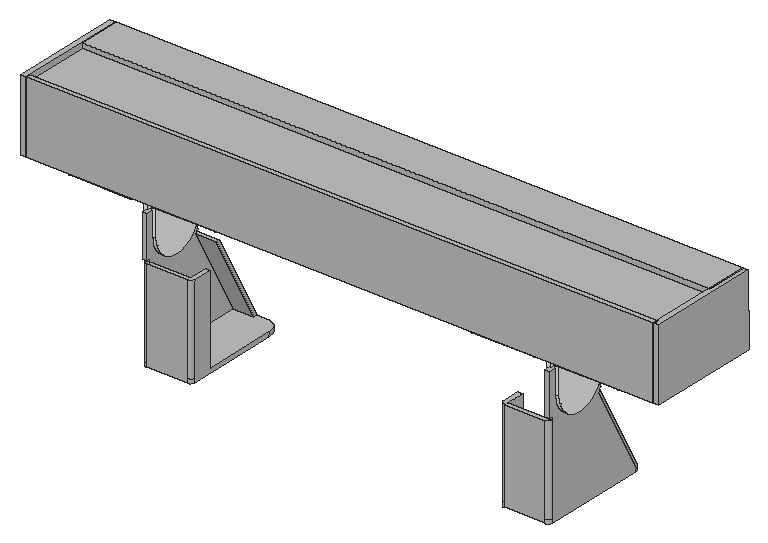
Revit family "4070741+4070747+4070771 Feilo Sylvania Lighting Fixtures CURSUS 306MM 192LM WIDE LED 4K with SINGLE WALL HOUSING with 70MM WALL BRACKET", category Lighting Fixtures, host Face, Revit 2017
Family settings
  Host = Face
  Round Connector Dimension = Use Diameter
  Part Type = Normal
  OmniClass Number = 23.80.70.14
  OmniClass Title = Luminaries for External Lighting
  Cut with Voids When Loaded = Yes
  Light Source = No
  Shared = No
  Room Calculation Point = No
Parameters (values of type "4070741 CURSUS 306MM 192LM WIDE LED 4K")
  Weight = "0.6 kg"
  Wattage Comments = "n/a"
  WarrantyStartDate [instance] = "n/a"
  WarrantyGuarantorParts = "n/a"
  WarrantyDurationUnit = "n/a"
  WarrantyDurationParts = "n/a"
  WarrantyDescription = "n/a"
  Voltage = 24 V
  URL = "http://www.sylvania-lighting.com"
  TypeName = "CURSUS 306MM 192LM WIDE LED 4K"
  TypeFixture_FEILO = CURSUS with SINGLE WALL HOUSING : CURSUS 306MM 192LM WIDE LED 4K
  Type Image = <None>
  Type Comments = "n/a"
  TiltAngle [instance] = 0.00°
  StartAngle [instance] = TiltAngle + 270.00°  # 270.00°
  SerialNumber [instance] = "n/a"
  ReflectorMaterial = none
  PowerFactor = 0
  PowerConsumption = "4.5 W"
  NominalLength = 306 mm
  NominalHeight = 50 mm
  NominalDepth = 30 mm
  Name = "CURSUS 306MM 192LM WIDE LED 4K"
  ModelReference = Name  # "CURSUS 306MM 192LM WIDE LED 4K"
  ModelNumber = "4070741"
  Model = Name  # "CURSUS 306MM 192LM WIDE LED 4K"
  Material = "natural anodised extruded aluminium structure housing"
  ManufacturerName = "Feilo Sylvania"
  Manufacturer = "Feilo Sylvania"
  LuminousEfficacy = "42.66 lm/W"
  LuminaireType = ""
  LightOutputRatio = "100"
  LampsType = Lamp  # "LED"
  LampNominalLuminous = "192 lm"
  LampMacAdamStep = "n/a"
  LampColourTemperature = "4000 K"
  LampColourRenderingIndex = "80"
  Lamp = "LED"
  Keynote = "16500"
  InstallationDate [instance] = "n/a"
  InputVoltage = "24V DC"
  InputNominalFrequency = "n/a"
  IngressProtection = "IP67"
  ImpactProtectionIndex = "IK07"
  IfcExportType = "IfcLightFixtureType"
  IfcExportAs = "IfcLightFixtureType"
  ExpectedLife = 50000
  EndAngle [instance] = StartAngle - 180.00°  # 90.00°
  ElectricShockClassification = "Class III"
  DurationUnit = "hours"
  DocumentationLiterature = "http://www.sylvania-lighting.com/product/en-int/products/4070741"
  DimmingControlOptions = "n/a"
  DiffuserMaterial = Diffuser-Sylvania-Glow
  Description = "LED Exterior Lighting Recessed Surface Mounted Linear Fixture, Natural anodised extruded aluminium structure. Die-cast aluminium end caps. Installation kit with harmonic steel springs., 192 lm, 4,5W,  42lm/W, 4000K, CRI80+,non dimmable,IP67, IK07, (HxWxD) 306x50x30mm, 3 step Mac Adam Ellipse, 0.6kg,, Classe III, 21-25V-DC, energy class : A++, A+, A"
  Default Elevation = 1219.2 mm
  CreatedOn = "1/8/2018"
  CreatedBy = ""
  Cost = 0
  built-in parameter 1114216 [instance] = (empty or 0)
  ClassificationValue = "EF_70_80"
  ClassificationName = "Uniclass2015"
  BracketWidth = 24 mm
  BracketThickness = 2 mm
  BracketHeightEnd = 32 mm
  BracketHeight = 55 mm
  BracketFlange = BracketHeight / 5  # 11 mm
  BracketExtension = 70 mm
  BracketEndReduction = 25 mm
  BracketC = 22 mm  # constant formula
  BracketDistance = 175 mm
  BracketD = BracketHeightEnd - (BracketC * (BracketHeight - BracketHeightEnd) / (BracketExtension - BracketEndReduction))  # 20.756 mm
  BodyMaterial = Body-Sylvania-Gray
  BarCode [instance] = "n/a"
  AssetType = "Fixed"
  AssetIdentifier [instance] = "n/a"
  Assembly Code = "D5020200"
  Apparent Load = 4.5 VA
  AccessoryMaterial = Diffuser-Sylvania-Glow
Reference planes
  plane 1 "Center (Front/Back)": y = 0
  plane 2: z = 0
  plane 3 "Center (Left/Right)": x = 0
  plane 4: x = -99.5
  plane 5: x = 99.5
  plane 6: y = 55
  plane 7: x = -75.5
  plane 8: x = 75.5
  plane 9: z = 70
  plane 10: z = 56
  plane 11: z = 2
  plane 12: z = 45
  plane 13: x = -97.5
  plane 14: y = 53
  plane 15: y = 2
  plane 16: x = -77.5
  plane 17: x = 77.5
  plane 18: x = 97.5
  plane 19: x = -87.5
  plane 20: x = 87.5
  plane 21: y = 11
  plane 22: y = 32
  plane 23: y = 30
  plane 24: z = 67
  plane 25: y = 20.756
  plane 26: y = 16
Forms (mm)
  Blend 1, solid, material "Body-Sylvania-Gray" <- "BodyMaterial"
    base sketch origin (1223.4, -4572, 2) x (0, -1, 0) y (1, 0, 0)
      loop
        line (-4625, -1310.9) -> (-4627, -1310.9) -> (-4627, -1320.9)
        arc (-4627, -1320.9) -> (-4626.414, -1322.314) -> (-4625, -1322.9) r 2
        line (-4625, -1322.9) -> (-4574, -1322.9)
        arc (-4574, -1322.9) -> (-4572.586, -1322.314) -> (-4572, -1320.9) r 2
        line (-4572, -1320.9) -> (-4572, -1300.9)
        arc (-4572, -1300.9) -> (-4572.586, -1299.486) -> (-4574, -1298.9) r 2
        line (-4574, -1298.9) -> (-4583, -1298.9) -> (-4583, -1300.9) -> (-4574, -1300.9) -> (-4574, -1320.9) -> (-4625, -1320.9) -> (-4625, -1310.9)
    top sketch origin (1223.4, -4572, 2) x (0, -1, 0) y (1, 0, 0)
      loop
        line (-4583, -1300.9) -> (-4574, -1300.9) -> (-4574, -1320.9) -> (-4602, -1320.9) -> (-4602, -1310.9) -> (-4604, -1310.9) -> (-4604, -1320.9)
        arc (-4604, -1320.9) -> (-4603.52, -1322.21) -> (-4602.309, -1322.9) r 2.028
        line (-4602.309, -1322.9) -> (-4574, -1322.9)
        arc (-4574, -1322.9) -> (-4572.586, -1322.314) -> (-4572, -1320.9) r 2
        line (-4572, -1320.9) -> (-4572, -1300.9)
        arc (-4572, -1300.9) -> (-4572.586, -1299.486) -> (-4574, -1298.9) r 2
        line (-4574, -1298.9) -> (-4583, -1298.9) -> (-4583, -1300.9)
    from 0 to 43
  Extrusion 2, solid, material "Body-Sylvania-Gray" <- "BodyMaterial"
    sketch origin (0, 0, 0) x (1, 0, 0) y (0, 1, 0)
      loop
        arc (-97.5, 55) -> (-98.914, 54.414) -> (-99.5, 53) r 2
        line (-99.5, 53) -> (-99.5, 2)
        arc (-99.5, 2) -> (-98.914, 0.586) -> (-97.5, 0) r 2
        line (-97.5, 0) -> (-77.5, 0)
        arc (-77.5, 0) -> (-76.086, 0.586) -> (-75.5, 2) r 2
        line (-75.5, 2) -> (-75.5, 47.5)
        arc (-75.5, 47.5) -> (-77.697, 52.803) -> (-83, 55) r 7.5
        line (-83, 55) -> (-97.5, 55)
      loop
        line (97.5, 55) -> (83, 55)
        arc (83, 55) -> (77.697, 52.803) -> (75.5, 47.5) r 7.5
        line (75.5, 47.5) -> (75.5, 2)
        arc (75.5, 2) -> (76.086, 0.586) -> (77.5, 0) r 2
        line (77.5, 0) -> (97.5, 0)
        arc (97.5, 0) -> (98.914, 0.586) -> (99.5, 2) r 2
        line (99.5, 2) -> (99.5, 53)
        arc (99.5, 53) -> (98.914, 54.414) -> (97.5, 55) r 2
    from 0 to 2
  Blend 3, solid, material "Body-Sylvania-Gray" <- "BodyMaterial"
    base sketch origin (1223.4, -4572, 2) x (0, -1, 0) y (1, 0, 0)
      loop
        line (-4625, -1125.9) -> (-4574, -1125.9) -> (-4574, -1145.9) -> (-4583, -1145.9) -> (-4583, -1147.9) -> (-4574, -1147.9)
        arc (-4574, -1147.9) -> (-4572.586, -1147.314) -> (-4572, -1145.9) r 2
        line (-4572, -1145.9) -> (-4572, -1125.9)
        arc (-4572, -1125.9) -> (-4572.586, -1124.486) -> (-4574, -1123.9) r 2
        line (-4574, -1123.9) -> (-4625, -1123.9)
        arc (-4625, -1123.9) -> (-4626.414, -1124.486) -> (-4627, -1125.9) r 2
        line (-4627, -1125.9) -> (-4627, -1135.9) -> (-4625, -1135.9) -> (-4625, -1125.9)
    top sketch origin (1223.4, -4572, 2) x (0, -1, 0) y (1, 0, 0)
      loop
        line (-4602, -1135.9) -> (-4602, -1125.9) -> (-4574, -1125.9) -> (-4574, -1145.9) -> (-4583, -1145.9) -> (-4583, -1147.9) -> (-4574, -1147.9)
        arc (-4574, -1147.9) -> (-4572.586, -1147.314) -> (-4572, -1145.9) r 2
        line (-4572, -1145.9) -> (-4572, -1125.9)
        arc (-4572, -1125.9) -> (-4572.586, -1124.486) -> (-4574, -1123.9) r 2
        line (-4574, -1123.9) -> (-4602, -1123.9)
        arc (-4602, -1123.9) -> (-4603.414, -1124.486) -> (-4604, -1125.9) r 2
        line (-4604, -1125.9) -> (-4604, -1135.9) -> (-4602, -1135.9)
    from 0 to 43
  Blend 4, solid, material "Body-Sylvania-Gray" <- "BodyMaterial"
    base sketch origin (1223.4, -4572, 45) x (0, -1, 0) y (1, 0, 0)
      loop
        line (-4604, -1322.9) -> (-4572, -1322.9) -> (-4572, -1320.9) -> (-4604, -1320.9) -> (-4604, -1322.9)
    top sketch origin (1223.4, -4572, 45) x (0, -1, 0) y (1, 0, 0)
      loop
        line (-4572, -1322.9) -> (-4572, -1320.9) -> (-4592.756, -1320.9) -> (-4592.756, -1322.9) -> (-4572, -1322.9)
    from 0 to 22
  Blend 5, solid, material "Body-Sylvania-Gray" <- "BodyMaterial"
    base sketch origin (1223.4, -4572, 45) x (0, -1, 0) y (1, 0, 0)
      loop
        line (-4604, -1125.9) -> (-4572, -1125.9) -> (-4572, -1123.9) -> (-4604, -1123.9) -> (-4604, -1125.9)
    top sketch origin (1223.4, -4572, 45) x (0, -1, 0) y (1, 0, 0)
      loop
        line (-4572, -1123.9) -> (-4592.756, -1123.9) -> (-4592.756, -1125.9) -> (-4572, -1125.9) -> (-4572, -1123.9)
    from 0 to 22
  Extrusion 6, void
    sketch origin (0, 0, 0) x (0, 1, 0) y (0, 0, 1)
      loop
        line (0, 45) -> (2, 45) -> (2, 46.5) -> (0, 46.5) -> (0, 45)
      loop
        line (32, 45) -> (32, 46.5) -> (30, 46.5) -> (30, 45) -> (32, 45)
    from -99.5 to 99.5
  Revolve 7, solid, not visible
    sketch origin (1524, 16, 1219.2) x (1, 0, 0) y (0, 0, 1)
      loop
        line (-1524, -1152.2) -> (-1524, -1163.2) -> (-1436.5, -1163.2) -> (-1436.5, -1152.2) -> (-1524, -1152.2)
      axis (-1436.5, -1163.2) -> (-1524, -1163.2)
    angle from 270 <- "StartAngle" to 90 <- "EndAngle"
Cuts and joins
  Extrusion 6 cuts Blend 4
  Extrusion 6 cuts Blend 5
  joined: Blend 1, Extrusion 2, Blend 3, Blend 4, Blend 5
Lines and regions (mm)
  reference lines, not visible
    curve 1: line (-75.5, 16, 56) -> (75.5, 16, 56)
Dimensions and locks
  equal spacing: plane 4, plane 3 "Center (Left/Right)", plane 5
  "BracketDistance": plane 19 to plane 20
  "BracketHeight": plane 1 "Center (Front/Back)" to plane 6
  equal spacing: plane 7, plane 3 "Center (Left/Right)", plane 8
  "BracketWidth": plane 4 to plane 7
  "BracketExtension": plane 9 to plane 2
  "BracketThickness": plane 11 to plane 2
  "BracketEndReduction": plane 9 to plane 12
  equal spacing: plane 13, plane 3 "Center (Left/Right)", plane 18
  equal spacing: plane 16, plane 3 "Center (Left/Right)", plane 17
  "BracketThickness": plane 4 to plane 13
  "BracketThickness": plane 16 to plane 7
  "BracketThickness": plane 14 to plane 6
  "BracketThickness": plane 1 "Center (Front/Back)" to plane 15
  equal spacing: plane 4, plane 19, plane 7
  equal spacing: plane 8, plane 20, plane 5
  "BracketFlange": plane 1 "Center (Front/Back)" to plane 21
  "BracketHeightEnd": plane 1 "Center (Front/Back)" to plane 22
  "BracketThickness": plane 23 to plane 22
  locked: Extrusion 2 sketch curve to plane 7 at 7.5
  locked: Extrusion 2 sketch curve to plane 6 at 7.5  (x2)
  locked: plane 8 to Extrusion 2 sketch curve at 7.5
  "BracketC": plane 24 to plane 12
  "BracketD": plane 1 "Center (Front/Back)" to plane 25
  locked: plane 12 to Extrusion 6 sketch curve at 1.5
  equal spacing: plane 24, plane 10, plane 12
  equal spacing: plane 1 "Center (Front/Back)", plane 26, plane 22
  aligned and locked: plane 2 to host face
  aligned and locked: level to host face
  aligned and locked: plane 4 to Blend 1 sketch curve  (x2)
  aligned and locked: plane 13 to Blend 1 sketch curve  (x3)
  aligned and locked: Blend 1 sketch curve to plane 15
  aligned and locked: Blend 1 sketch curve to plane 16
  aligned and locked: Blend 1 sketch curve to plane 21
  aligned and locked: plane 7 to Blend 1 sketch curve
  aligned and locked: plane 16 to Blend 1 sketch curve
  aligned and locked: plane 1 "Center (Front/Back)" to Blend 1 sketch curve
  aligned and locked: plane 14 to Blend 1 sketch curve
  aligned and locked: Blend 1 sketch curve to var sketch  (x6)
  aligned and locked: Blend 1 sketch curve to plane 19
  aligned and locked: Blend 1 sketch curve to plane 22
  aligned and locked: plane 23 to Blend 1 sketch curve
  aligned and locked: plane 11 to Blend 1
  aligned and locked: Extrusion 2 sketch curve to Blend 1  (x3)
  aligned and locked: Extrusion 2 to level
  aligned and locked: Extrusion 2 to plane 11
  aligned and locked: Extrusion 2 sketch curve to plane 7
  aligned and locked: plane 18 to Blend 3 sketch curve  (x4)
  aligned and locked: plane 14 to Blend 3 sketch curve  (x2)
  aligned and locked: Blend 3 sketch curve to plane 20
  aligned and locked: Blend 3 sketch curve to plane 6
  aligned and locked: plane 5 to Blend 3 sketch curve
  aligned and locked: plane 1 "Center (Front/Back)" to Blend 3 sketch curve
  aligned and locked: plane 15 to Blend 3 sketch curve  (x2)
  aligned and locked: Blend 3 sketch curve to plane 8
  aligned and locked: Blend 3 sketch curve to plane 21
  aligned and locked: plane 17 to Blend 3 sketch curve
  aligned and locked: Blend 3 sketch curve to plane 18
  aligned and locked: plane 20 to Blend 3 sketch curve  (x2)
  aligned and locked: Blend 3 sketch curve to plane 23
  aligned and locked: Blend 3 sketch curve to var sketch  (x8)
  aligned and locked: var sketch to Blend 3 sketch curve
  aligned and locked: plane 22 to Blend 3 sketch curve
  aligned and locked: plane 11 to Blend 3
  aligned and locked: Extrusion 2 sketch curve to Blend 3  (x4)
  aligned and locked: Blend 1 to plane 12
  aligned and locked: Blend 3 to plane 12
  aligned and locked: Blend 4 sketch curve to plane 22
  aligned and locked: Blend 4 sketch curve to cut or joined group of Blend 1, Extrusion 2, Blend 3, Blend 4, Blend 5, Extrusion 6  (x2)
  aligned and locked: cut or joined group of Blend 1, Extrusion 2, Blend 3, Blend 4, Blend 5, Extrusion 6 to Blend 4 sketch curve
  aligned and locked: Blend 4 sketch curve to var sketch  (x2)
  aligned and locked: Blend 4 sketch curve to plane 13
  aligned and locked: Blend 4 to plane 24
  aligned and locked: Blend 4 sketch curve to plane 25
  aligned and locked: Blend 5 sketch curve to plane 18  (x2)
  aligned and locked: plane 1 "Center (Front/Back)" to Blend 5 sketch curve
  aligned and locked: plane 5 to Blend 5 sketch curve
  aligned and locked: plane 22 to Blend 5 sketch curve
  aligned and locked: Blend 5 sketch curve to var sketch
  aligned and locked: var sketch to Blend 5 sketch curve
  aligned and locked: Blend 5 sketch curve to plane 25
  aligned and locked: Blend 5 to plane 24
  aligned and locked: plane 12 to Blend 5
  aligned and locked: Extrusion 6 sketch curve to cut or joined group of Blend 1, Extrusion 2, Blend 3, Blend 4, Blend 5, Extrusion 6  (x2)
  aligned and locked: Extrusion 6 sketch curve to Extrusion 6 sketch curve
  aligned and locked: Extrusion 6 sketch curve to plane 15
  aligned and locked: plane 5 to Extrusion 6
  aligned and locked: Extrusion 6 to plane 4
  aligned and locked: Extrusion 6 sketch curve to plane 23
  aligned and locked: Revolve 7 sketch curve to plane 10  (x2)
  aligned and locked: plane 24 to Revolve 7 sketch curve
  aligned and locked: plane 3 "Center (Left/Right)" to Revolve 7 sketch curve
  aligned and locked: Revolve 7 sketch curve to plane 20
  aligned and locked: plane 7 to curve 1
  aligned and locked: plane 10 to curve 1
  aligned and locked: nested 1 to plane 5
  aligned and locked: nested 2 to plane 4
  aligned and locked: nested 1 to curve 1
  aligned and locked: nested 2 to curve 1
  aligned and locked: nested 1 to nested 3
  aligned and locked: nested 3 to plane 3 "Center (Left/Right)"
Automatic sketch dimensions
  host sketch curve to host sketch curve = 2438.4 mm  (x2)
  Blend 1 sketch curve to plane 13 = 0 mm
  plane 15 to Blend 1 sketch curve = 0 mm  (x3)
  Blend 1 sketch curve to plane 23 = 0.309 mm
  plane 6 to Blend 1 sketch curve = 0 mm
  plane 14 to Blend 1 sketch curve = 0 mm
  Blend 1 sketch curve to plane 19 = 0 mm
  Blend 3 sketch curve to plane 17 = 0 mm
  Extrusion 6 sketch curve to plane 1 "Center (Front/Back)" = 0 mm
  plane 12 to Extrusion 6 sketch curve = 0 mm
  Revolve 7 sketch curve to plane 4 = 1153 mm
  plane 5 to Revolve 7 sketch curve = 1161.4 mm
  curve 1 to plane 8 = 0 mm
Nested families
  nested 1: "MountingPlate" at (98.5, 16, 56) x (-1, 0, 0) z (0, 0, 1), type "MountingPlate"
  nested 2: "MountingPlate" at (-98.5, 16, 56) x (-1, 0, 0) z (0, 0, 1), type "MountingPlate"
  nested 3: "CURSUS with SINGLE WALL HOUSING" at (0, -4, 74) x (-1, 0, 0) z (0, 0, 1), type <- "TypeFixture_FEILO", type "CURSUS 306MM 192LM WIDE LED 4K"
    with WarrantyStartDate "n/a", SerialNumber "n/a", InstallationDate "n/a", EndCapRight yes, EndCapLeft yes, built-in parameter 1114216 (empty or 0), BarCode "n/a", AssetIdentifier "n/a"
Connectors
  electrical at (0, 0, 0), driven by "Voltage", driven by "Apparent Load", driven by "PowerFactor"
    settings: index 1, voltage 24 V, apparent load 4.5 VA, apparent load phase1 0 VA, apparent load phase2 0 VA, apparent load phase3 0 VA, power factor 0, load classification "Other", number of poles 1, system type 30, power factor state 1, is connector primary yes, connector utility no, sub classification motor no, connector description ""
Definition of nested family "MountingPlate"
  Parameters (values of type "MountingPlate")
    URL = "http://www.feilosylvania.com"
    Type Comments = "n/a"
    ReflectorMaterial = none
    MountingPlateWidth = 76 mm
    MountingPlateThickness = 2 mm
    MountingPlateRadiusBack = 12 mm
    MountingPlateRadius = 3 mm
    MountingPlateHeight = 35 mm
    Model = "n/a"
    Manufacturer = "Feilo Sylvania"
    Keynote = "n/a"
    DiffuserMaterial = none
    Description = "n/a"
    Default Elevation = 1219.2 mm
    Cost = 0
    BodyMaterial = none
    Assembly Code = "n/a"
    AccessoryMaterial = none
  Reference planes
    plane 1 "Center (Front/Back)": y = 0
    plane 2: z = 0
    plane 3 "Center (Left/Right)": x = 0
    plane 4: x = -38
    plane 5: x = 38
    plane 6: y = 17.5
    plane 7: y = -17.5
    plane 8: x = -3
    plane 9: x = 3
    plane 10: z = 18
    plane 11: z = 16
    plane 12: y = 12.5
    plane 13: y = -12.5
    plane 14: x = -1
    plane 15: x = 1
    plane 16: z = -12.5
    plane 17: z = -14.5
  Forms (mm)
    Extrusion 1, solid
      sketch origin (1.653, 0, 0) x (1, 0, 0) y (0, 1, 0)
        loop
          line (-1219.2, 1219.2) -> (-1219.2, -1219.2) -> (1219.2, -1219.2) -> (1219.2, 1219.2) -> (-1219.2, 1219.2)
      from 0 to -304.8
    Extrusion 2, solid, material <- "BodyMaterial"
      sketch origin (1218.4, -4572, 16) x (0, -1, 0) y (-1, 0, 0)
        loop
          line (-4589.5, 1253.4) -> (-4589.5, 1224.4)
          arc (-4589.5, 1224.4) -> (-4588.621, 1222.279) -> (-4586.5, 1221.4) r 3
          line (-4586.5, 1221.4) -> (-4557.5, 1221.4)
          arc (-4557.5, 1221.4) -> (-4555.379, 1222.279) -> (-4554.5, 1224.4) r 3
          line (-4554.5, 1224.4) -> (-4554.5, 1253.4)
          arc (-4554.5, 1253.4) -> (-4555.379, 1255.521) -> (-4557.5, 1256.4) r 3
          line (-4557.5, 1256.4) -> (-4586.5, 1256.4)
          arc (-4586.5, 1256.4) -> (-4588.621, 1255.521) -> (-4589.5, 1253.4) r 3
        loop
          arc (-4589.5, 1183.4) -> (-4588.621, 1181.279) -> (-4586.5, 1180.4) r 3
          line (-4586.5, 1180.4) -> (-4557.5, 1180.4)
          arc (-4557.5, 1180.4) -> (-4555.379, 1181.279) -> (-4554.5, 1183.4) r 3
          line (-4554.5, 1183.4) -> (-4554.5, 1212.4)
          arc (-4554.5, 1212.4) -> (-4555.379, 1214.521) -> (-4557.5, 1215.4) r 3
          line (-4557.5, 1215.4) -> (-4586.5, 1215.4)
          arc (-4586.5, 1215.4) -> (-4588.621, 1214.521) -> (-4589.5, 1212.4) r 3
          line (-4589.5, 1212.4) -> (-4589.5, 1183.4)
      from 0 to -2
    Extrusion 3, solid, material <- "BodyMaterial"
      sketch origin (0, 0, 0) x (1, 0, 0) y (0, 0, 1)
        loop
          line (-3, 18) -> (-3, -12.5) -> (-1, -12.5) -> (-1, 16)
          arc (-1, 16) -> (-1.586, 17.414) -> (-3, 18) r 2
        loop
          line (3, -12.5) -> (3, 18)
          arc (3, 18) -> (1.586, 17.414) -> (1, 16) r 2
          line (1, 16) -> (1, -12.5) -> (3, -12.5)
      from -12.5 to 12.5
    Extrusion 4, void
      sketch origin (0, 0, 0) x (0, 1, 0) y (0, 0, 1)
        loop
          line (-12.5, -0.5) -> (-17.5, -0.5) -> (-17.5, -14.5) -> (-0.5, -14.5) -> (-0.5, -12.5)
          arc (-0.5, -12.5) -> (-8.985, -8.985) -> (-12.5, -0.5) r 12
        loop
          line (0.5, -12.5) -> (0.5, -14.5) -> (17.5, -14.5) -> (17.5, -0.5) -> (12.5, -0.5)
          arc (12.5, -0.5) -> (8.985, -8.985) -> (0.5, -12.5) r 12
      from -3 to 3
  Cuts and joins
    Extrusion 4 cuts Extrusion 2
    Extrusion 4 cuts Extrusion 3
    joined: Extrusion 2, Extrusion 3
  Lines and regions (mm)
    reference lines
      curve 1: line (-38, 0, 0) -> (38, 0, 0)
  Dimensions and locks
    equal spacing: plane 4, plane 3 "Center (Left/Right)", plane 5
    "MountingPlateWidth": plane 4 to plane 5
    equal spacing: plane 7, plane 1 "Center (Front/Back)", plane 6
    "MountingPlateHeight": plane 7 to plane 6
    equal spacing: plane 8, plane 3 "Center (Left/Right)", plane 9
    "MountingPlateHeight": plane 4 to plane 8
    locked: plane 10 to plane 2 at 18
    "MountingPlateThickness": plane 10 to plane 11
    equal spacing: plane 13, plane 1 "Center (Front/Back)", plane 12
    locked: plane 13 to plane 12 at 25
    "MountingPlateRadius": plane 4 to Extrusion 2 sketch curve  (x2)
    "MountingPlateRadius": Extrusion 2 sketch curve to plane 6  (x4)
    "MountingPlateRadius": Extrusion 2 sketch curve to plane 8  (x2)
    "MountingPlateRadius": plane 7 to Extrusion 2 sketch curve  (x4)
    "MountingPlateRadius": plane 9 to Extrusion 2 sketch curve  (x2)
    "MountingPlateRadius": Extrusion 2 sketch curve to plane 5  (x2)
    equal spacing: plane 15, plane 3 "Center (Left/Right)", plane 14
    "MountingPlateThickness": plane 14 to plane 8
    locked: plane 2 to plane 16 at 12.5
    locked: plane 17 to plane 16 at 2
    "MountingPlateRadiusBack": plane 13 to Extrusion 4 sketch curve
    "MountingPlateRadiusBack": plane 16 to Extrusion 4 sketch curve  (x2)
    "MountingPlateRadiusBack": Extrusion 4 sketch curve to plane 12
    aligned and locked: plane 2 to Extrusion 1
    aligned and locked: level to Extrusion 1
    aligned and locked: Extrusion 2 sketch curve to plane 6
    aligned and locked: Extrusion 2 sketch curve to plane 4
    aligned and locked: plane 7 to Extrusion 2 sketch curve
    aligned and locked: plane 8 to Extrusion 2 sketch curve
    aligned and locked: plane 6 to Extrusion 2 sketch curve
    aligned and locked: Extrusion 2 sketch curve to plane 5
    aligned and locked: Extrusion 2 sketch curve to plane 7
    aligned and locked: plane 9 to Extrusion 2 sketch curve
    aligned and locked: Extrusion 2 to plane 10
    aligned and locked: plane 11 to Extrusion 2
    aligned and locked: Extrusion 3 sketch curve to Extrusion 2  (x2)
    aligned and locked: plane 16 to Extrusion 3 sketch curve  (x2)
    aligned and locked: plane 14 to Extrusion 3 sketch curve
    aligned and locked: plane 9 to Extrusion 3 sketch curve
    aligned and locked: plane 15 to Extrusion 3 sketch curve
    aligned and locked: Extrusion 3 to plane 12
    aligned and locked: plane 13 to Extrusion 3
    aligned and locked: plane 17 to Extrusion 4 sketch curve  (x2)
    aligned and locked: Extrusion 4 sketch curve to plane 7
    aligned and locked: Extrusion 4 sketch curve to plane 6
    aligned and locked: plane 9 to Extrusion 4
    aligned and locked: Extrusion 4 to plane 8
    aligned and locked: plane 4 to curve 1
    aligned and locked: curve 1 to level
  Automatic sketch dimensions
    Extrusion 1 sketch curve to Extrusion 1 sketch curve = 2438.4 mm  (x2)
    Extrusion 3 sketch curve to plane 11 = 0 mm
    curve 1 to plane 5 = 0 mm
    Extrusion 4 sketch curve to plane 13 = 0 mm
    Extrusion 4 sketch curve to plane 12 = 0 mm
Definition of nested family "CURSUS with SINGLE WALL HOUSING"
  Parameters (values of type "CURSUS 1161MM 827LM OVAL LED 3K")
    Width_FEILO = 35 mm
    Weight = "2.2 kg"
    Wattage Comments = "n/a"
    Wattage = 18 W
    WarrantyStartDate [instance] = "n/a"
    WarrantyGuarantorParts = "n/a"
    WarrantyDurationUnit = "n/a"
    WarrantyDurationParts = "n/a"
    WarrantyDescription = "n/a"
    WallThickness_FEILO = 2.5 mm
    built-in parameter 1150110 = 1 (stored number, unit not read)
    Voltage = 24 V
    URL = "http://www.feilosylvania.com"
    TypeName = "CURSUS 1161MM 827LM OVAL LED 3K"
    Type Image = (empty or 0)
    Type Comments = "n/a"
    built-in parameter 1114217 = 1 (stored number, unit not read)
    Tilt Angle = -90.00°
    built-in parameter 1150109 = 1 (stored number, unit not read)
    built-in parameter 1150134 = (empty or 0)
    built-in parameter 1150113 = 1 (stored number, unit not read)
    SerialNumber [instance] = "n/a"
    ReflectorMaterial = none
    PowerFactor = 0
    PowerConsumption = "18 W"
    Photometric Web File = "4070765.ies"
    NominalLength = 1161 mm
    NominalHeight = 50 mm
    NominalDepth = 30 mm
    Name = "CURSUS 1161MM 827LM OVAL LED 3K"
    ModelReference = Name  # "CURSUS 1161MM 827LM OVAL LED 3K"
    ModelNumber = ""
    Model = Name  # "CURSUS 1161MM 827LM OVAL LED 3K"
    Material = "natural anodised extruded aluminium structure housing, optical system with pmma lenses diffuser"
    ManufacturerName = "Feilo Sylvania"
    Manufacturer = "Feilo Sylvania"
    LuminousEfficacy = "45.94 lm/W"
    built-in parameter 1150105 = 1166.5 (stored number, unit not read)
    Lumens = 827 lm
    LuminaireType = ""
    built-in parameter 1150115 = 1 (stored number, unit not read)
    LightOutputRatio = "100"
    built-in parameter 1150137 = (empty or 0)
    built-in parameter 1150139 = (empty or 0)
    Length_FEILO = 1167 mm
    LampsType = Lamp  # "LED"
    LampNominalLuminous = "827 lm"
    LampMacAdamStep = "n/a"
    LampColourTemperature = "3000 K"
    LampColourRenderingIndex = "80"
    built-in parameter 1150112 = 1 (stored number, unit not read)
    built-in parameter 1150114 = 1 (stored number, unit not read)
    Lamp = "LED"
    Keynote = "16500"
    InstallationDate [instance] = "n/a"
    InputVoltage = "24V DC"
    InputNominalFrequency = "n/a"
    built-in parameter 1150132 = (empty or 0)
    built-in parameter 1150102 = (empty or 0)
    built-in parameter 1150107 = 3000 (stored number, unit not read)
    built-in parameter 1150138 = (empty or 0)
    IngressProtection = "IP67"
    ImpactProtectionIndex = "IK07"
    built-in parameter 1150106 = 11.665 (stored number, unit not read)
    IfcExportType = "IfcLightFixtureType"
    IfcExportAs = "IfcLightFixtureType"
    ExpectedLife = 50000
    EndCapRight [instance] = yes
    EndCapLeft [instance] = yes
    Emit from Rectangle Width = Width_FEILO - WallThickness_FEILO * 2  # 30 mm
    Emit from Rectangle Length = Length_FEILO - WallThickness_FEILO * 2  # 1162 mm
    Emit Shape Visible in Rendering = no
    ElectricShockClassification = "Class III"
    built-in parameter 1150104 = 4.2684 (stored number, unit not read)
    DurationUnit = "hours"
    DocumentationLiterature = "http://www.feilosylvania.com/product/en-int/products/4070765"
    DimmingControlOptions = "n/a"
    Dimming Lamp Color Temperature Shift = (empty or 0)
    DiffuserMaterial = none
    Description = "LED Exterior Lighting Recessed Surface Mounted Linear Fixture, Natural anodised extruded aluminium structure. Die-cast aluminium end caps. Installation kit with harmonic steel springs., 827 lm, 18W, 45lm/W, 3000K, CRI80+,non dimmable,IP67, IK07, (HxWxD) 1161x50x30mm, 3 step Mac Adam Ellipse, 2.2kg,, Classe III, 21-25V-DC, energy class : A++, A+, A"
    Default Elevation = 1219.2 mm
    CreatedOn = "1/8/2018"
    CreatedBy = "aron.fodor@feilosylvania.com"
    Cost = 0
    Color Filter = 16777215
    built-in parameter 1114216 [instance] = (empty or 0)
    ClassificationValue = "EF_70_80"
    ClassificationName = "Uniclass2015"
    BodyMaterial = none
    BarCode [instance] = "n/a"
    built-in parameter 1114218 = 1 (stored number, unit not read)
    built-in parameter 1150133 = 10 (stored number, unit not read)
    AssetType = "Fixed"
    AssetIdentifier [instance] = "n/a"
    Assembly Code = "D5020200"
    Apparent Load = 18 VA
    AccessoryMaterial = none
  Types (16, lengths in mm): name | Weight | Wattage | Voltage | TypeName | built-in parameter 1150134 | PowerConsumption | Photometric Web File | NominalLength | Name | ModelReference | Model | Material | LuminousEfficacy | built-in parameter 1150105 | Lumens | Length_FEILO | LampNominalLuminous | LampColourTemperature | InputVoltage | InputNominalFrequency | built-in parameter 1150107 | built-in parameter 1150106 | Emit from Rectangle Length | built-in parameter 1150104 | DocumentationLiterature | Description | Apparent Load
    CURSUS 1161MM 827LM OVAL LED 3K | "2.2 kg" | 18 W | 24 V | "CURSUS 1161MM 827LM OVAL LED 3K" | (empty or 0) | "18 W" | "4070765.ies" | 1161 | "CURSUS 1161MM 827LM OVAL LED 3K" | "CURSUS 1161MM 827LM OVAL LED 3K" | "CURSUS 1161MM 827LM OVAL LED 3K" | "natural anodised extruded aluminium structure housing, optical system with pmma lenses diffuser" | "45.94 lm/W" | 1166.5 (stored number, unit not read) | 827 lm | 1167 | "827 lm" | "3000 K" | "24V DC" | "n/a" | 3000 (stored number, unit not read) | 11.665 (stored number, unit not read) | 1162 | 4.2684 (stored number, unit not read) | "http://www.feilosylvania.com/product/en-int/products/4070765" | "LED Exterior Lighting Recessed Surface Mounted Linear Fixture, Natural anodised extruded aluminium structure. Die-cast aluminium end caps. Installation kit with harmonic steel springs., 827 lm, 18W, 45lm/W, 3000K, CRI80+,non dimmable,IP67, IK07, (HxWxD) 1161x50x30mm, 3 step Mac Adam Ellipse, 2.2kg,, Classe III, 21-25V-DC, energy class : A++, A+, A" | 18 VA
    CURSUS 1161MM 731LM WIDE LED 3K | "2.2 kg" | 18 W | 230 V | "CURSUS 1161MM 731LM WIDE LED 3K" | (empty or 0) | "18 W" | "4070764.ies" | 1161 | "CURSUS 1161MM 731LM WIDE LED 3K" | "CURSUS 1161MM 731LM WIDE LED 3K" | "CURSUS 1161MM 731LM WIDE LED 3K" | "natural anodised extruded aluminium structure housing" | "40.61 lm/W" | 403.47 (stored number, unit not read) | 731 lm | 1167 | "731 lm" | "3000 K" | "220-240V~" | "n/a" | 3000 (stored number, unit not read) | 4.0347 (stored number, unit not read) | 1162 | 3.7729 (stored number, unit not read) | "http://www.feilosylvania.com/product/en-int/products/4070764" | "LED Exterior Lighting Recessed Surface Mounted Linear Fixture, Natural anodised extruded aluminium structure. Die-cast aluminium end caps. Installation kit with harmonic steel springs., 731 lm, 18W, 40lm/W, 3000K, CRI80+,non dimmable,IP67, IK07, (HxWxD) 1161x50x30mm, 3 step Mac Adam Ellipse, 2.2kg,, Classe III, 21-25V-DC, energy class : A++, A+, A" | 18 VA
    CURSUS 1161MM 871LM OVAL LED 4K | "2.2 kg" | 18 W | 24 V | "CURSUS 1161MM 871LM OVAL LED 4K" | 12 | "18 W" | "4070763.ies" | 1161 | "CURSUS 1161MM 871LM OVAL LED 4K" | "CURSUS 1161MM 871LM OVAL LED 4K" | "CURSUS 1161MM 871LM OVAL LED 4K" | "natural anodised extruded aluminium structure housing, optical system with pmma lenses diffuser" | "48.38 lm/W" | 1192.8 (stored number, unit not read) | 871 lm | 1167 | "871 lm" | "4000 K" | "24V DC" | "50/60 Hz" | 4000 (stored number, unit not read) | 11.928 (stored number, unit not read) | 1162 | 4.4955 (stored number, unit not read) | "http://www.feilosylvania.com/product/en-int/products/4070763" | "LED Exterior Lighting Recessed Surface Mounted Linear Fixture, Natural anodised extruded aluminium structure. Die-cast aluminium end caps. Installation kit with harmonic steel springs., 871 lm, 18W,  48lm/W, 4000K, CRI80+,non dimmable,IP67, IK07, (HxWxD) 1161x50x30mm, 3 step Mac Adam Ellipse, 2.2kg,, Classe III, 21-25V-DC, energy class : A++, A+, A" | 18 VA
    CURSUS 1161MM 770LM WIDE LED 4K | "2.2 kg" | 18 W | 230 V | "CURSUS 1161MM 770LM WIDE LED 4K" | 12 | "18 W" | "4070762.ies" | 1161 | "CURSUS 1161MM 770LM WIDE LED 4K" | "CURSUS 1161MM 770LM WIDE LED 4K" | "CURSUS 1161MM 770LM WIDE LED 4K" | "natural anodised extruded aluminium structure housing" | "42.77 lm/W" | 424.94 (stored number, unit not read) | 770 lm | 1167 | "770 lm" | "4000 K" | "220-240V~" | "n/a" | 4000 (stored number, unit not read) | 4.2494 (stored number, unit not read) | 1162 | 3.9742 (stored number, unit not read) | "http://www.feilosylvania.com/product/en-int/products/4070762" | "LED Exterior Lighting Recessed Surface Mounted Linear Fixture, Natural anodised extruded aluminium structure. Die-cast aluminium end caps. Installation kit with harmonic steel springs., 770 lm, 18W,  42lm/W, 4000K, CRI80+,non dimmable,IP67, IK07, (HxWxD) 1161x50x30mm, 3 step Mac Adam Ellipse, 2.2kg,, Classe III, 21-25V-DC, energy class : A++, A+, A" | 18 VA
    CURSUS 876MM 620LM OVAL LED 3K | "1.7 kg" | 13.5 W | 24 V | "CURSUS 876MM 620LM OVAL LED 3K" | (empty or 0) | "13.5 W" | "4070758.ies" | 876 | "CURSUS 876MM 620LM OVAL LED 3K" | "CURSUS 876MM 620LM OVAL LED 3K" | "CURSUS 876MM 620LM OVAL LED 3K" | "natural anodised extruded aluminium structure housing, optical system with pmma lenses diffuser" | "45.92 lm/W" | 874.55 (stored number, unit not read) | 620 lm | 882 | "620 lm" | "3000 K" | "24V DC" | "50/60 Hz" | 3000 (stored number, unit not read) | 8.7455 (stored number, unit not read) | 877 | 4.2667 (stored number, unit not read) | "http://www.feilosylvania.com/product/en-int/products/4070758" | "LED Exterior Lighting Recessed Surface Mounted Linear Fixture, Natural anodised extruded aluminium structure. Die-cast aluminium end caps. Installation kit with harmonic steel springs., 620 lm, 13,5W, 45lm/W, 3000K, CRI80+,non dimmable,IP67, IK07, (HxWxD) 876x50x30mm, 3 step Mac Adam Ellipse, 1.7kg,, Classe III, 21-25V-DC, energy class : A++, A+, A" | 13.5 VA
    CURSUS 876MM 548LM WIDE LED 3K | "1.7 kg" | 13.5 W | 24 V | "CURSUS 876MM 548LM WIDE LED 3K" | (empty or 0) | "13.5 W" | "4070757.ies" | 876 | "CURSUS 876MM 548LM WIDE LED 3K" | "CURSUS 876MM 548LM WIDE LED 3K" | "CURSUS 876MM 548LM WIDE LED 3K" | "natural anodised extruded aluminium structure housing" | "40.59 lm/W" | 302.47 (stored number, unit not read) | 548 lm | 882 | "548 lm" | "3000 K" | "24V DC" | "n/a" | 3000 (stored number, unit not read) | 3.0247 (stored number, unit not read) | 877 | 3.7712 (stored number, unit not read) | "http://www.feilosylvania.com/product/en-int/products/4070757" | "LED Exterior Lighting Recessed Surface Mounted Linear Fixture, Natural anodised extruded aluminium structure. Die-cast aluminium end caps. Installation kit with harmonic steel springs., 548 lm, 13,5W, 40lm/W, 3000K, CRI80+,non dimmable,IP67, IK07, (HxWxD) 876x50x30mm, 3 step Mac Adam Ellipse, 1.7kg,, Classe III, 21-25V-DC, energy class : A++, A+, A" | 13.5 VA
    CURSUS 876MM 653LM OVAL LED 4K | "1.7 kg" | 13.5 W | 24 V | "CURSUS 876MM 653LM OVAL LED 4K" | 12 | "13.5 W" | "4070756.ies" | 876 | "CURSUS 876MM 653LM OVAL LED 4K" | "CURSUS 876MM 653LM OVAL LED 4K" | "CURSUS 876MM 653LM OVAL LED 4K" | "natural anodised extruded aluminium structure housing, optical system with pmma lenses diffuser" | "48.37 lm/W" | 894.28 (stored number, unit not read) | 653 lm | 882 | "653 lm" | "4000 K" | "24V DC" | "n/a" | 4000 (stored number, unit not read) | 8.9428 (stored number, unit not read) | 877 | 4.4938 (stored number, unit not read) | "http://www.feilosylvania.com/product/en-int/products/4070756" | "LED Exterior Lighting Recessed Surface Mounted Linear Fixture, Natural anodised extruded aluminium structure. Die-cast aluminium end caps. Installation kit with harmonic steel springs., 653 lm, 13,5W,  48lm/W, 4000K, CRI80+,non dimmable,IP67, IK07, (HxWxD) 876x50x30mm, 3 step Mac Adam Ellipse, 1.7kg,, Classe III, 21-25V-DC, energy class : A++, A+, A" | 13.5 VA
    CURSUS 876MM 577LM WIDE LED 4K | "1.7 kg" | 13.5 W | 24 V | "CURSUS 876MM 577LM WIDE LED 4K" | 12 | "13.5 W" | "4070755.ies" | 876 | "CURSUS 876MM 577LM WIDE LED 4K" | "CURSUS 876MM 577LM WIDE LED 4K" | "CURSUS 876MM 577LM WIDE LED 4K" | "natural anodised extruded aluminium structure housing" | "42.74 lm/W" | 318.43 (stored number, unit not read) | 577 lm | 882 | "577 lm" | "4000 K" | "24V DC" | "n/a" | 4000 (stored number, unit not read) | 3.1843 (stored number, unit not read) | 877 | 3.9707 (stored number, unit not read) | "http://www.feilosylvania.com/product/en-int/products/4070755" | "LED Exterior Lighting Recessed Surface Mounted Linear Fixture, Natural anodised extruded aluminium structure. Die-cast aluminium end caps. Installation kit with harmonic steel springs., 577 lm, 13,5W,  42lm/W, 4000K, CRI80+,non dimmable,IP67, IK07, (HxWxD) 876x50x30mm, 3 step Mac Adam Ellipse, 1.7kg,, Classe III, 21-25V-DC, energy class : A++, A+, A" | 13.5 VA
    CURSUS 591MM 414LM OVAL LED 3K | "1.2 kg" | 9 W | 24 V | "CURSUS 591MM 414LM OVAL LED 3K" | (empty or 0) | "9 W" | "4070751.ies" | 591 | "CURSUS 591MM 414LM OVAL LED 3K" | "CURSUS 591MM 414LM OVAL LED 3K" | "CURSUS 591MM 414LM OVAL LED 3K" | "natural anodised extruded aluminium structure housing, optical system with pmma lenses diffuser" | "46 lm/W" | 583.97 (stored number, unit not read) | 414 lm | 597 | "414 lm" | "3000 K" | "24V DC" | "n/a" | 3000 (stored number, unit not read) | 5.8397 (stored number, unit not read) | 592 | 4.2735 (stored number, unit not read) | "http://www.feilosylvania.com/product/en-int/products/4070751" | "LED Exterior Lighting Recessed Surface Mounted Linear Fixture, Natural anodised extruded aluminium structure. Die-cast aluminium end caps. Installation kit with harmonic steel springs., 414 lm, 9W, 46lm/W, 3000K, CRI80+,non dimmable,IP67, IK07, (HxWxD) 591x50x30mm, 3 step Mac Adam Ellipse, 1.2kg,, Classe III, 21-25V-DC, energy class : A++, A+, A" | 9 VA
    CURSUS 591MM 365LM WIDE LED 3K | "1.2 kg" | 9 W | 24 V | "CURSUS 591MM 365LM WIDE LED 3K" | (empty or 0) | "9 W" | "4070750.ies" | 591 | "CURSUS 591MM 365LM WIDE LED 3K" | "CURSUS 591MM 365LM WIDE LED 3K" | "CURSUS 591MM 365LM WIDE LED 3K" | "natural anodised extruded aluminium structure housing" | "40.55 lm/W" | 201.45 (stored number, unit not read) | 365 lm | 597 | "365 lm" | "3000 K" | "24V DC" | "n/a" | 3000 (stored number, unit not read) | 2.0145 (stored number, unit not read) | 592 | 3.7677 (stored number, unit not read) | "http://www.feilosylvania.com/product/en-int/products/4070750" | "LED Exterior Lighting Recessed Surface Mounted Linear Fixture, Natural anodised extruded aluminium structure. Die-cast aluminium end caps. Installation kit with harmonic steel springs., 365 lm, 9W, 40lm/W, 3000K, CRI80+,non dimmable,IP67, IK07, (HxWxD) 591x50x30mm, 3 step Mac Adam Ellipse, 1.2kg,, Classe III, 21-25V-DC, energy class : A++, A+, A" | 9 VA
    CURSUS 591MM 435LM OVAL LED 4K | "1.2 kg" | 9 W | 24 V | "CURSUS 591MM 435LM OVAL LED 4K" | 12 | "9 W" | "4070749.ies" | 591 | "CURSUS 591MM 435LM OVAL LED 4K" | "CURSUS 591MM 435LM OVAL LED 4K" | "CURSUS 591MM 435LM OVAL LED 4K" | "natural anodised extruded aluminium structure housing, optical system with pmma lenses diffuser" | "48.33 lm/W" | 595.73 (stored number, unit not read) | 435 lm | 597 | "435 lm" | "4000 K" | "24V DC" | "n/a" | 4000 (stored number, unit not read) | 5.9573 (stored number, unit not read) | 592 | 4.4903 (stored number, unit not read) | "http://www.feilosylvania.com/product/en-int/products/4070749" | "LED Exterior Lighting Recessed Surface Mounted Linear Fixture, Natural anodised extruded aluminium structure. Die-cast aluminium end caps. Installation kit with harmonic steel springs., 435 lm, 9W, 48lm/W, 4000K, CRI80+,non dimmable,IP67, IK07, (HxWxD) 591x50x30mm, 3 step Mac Adam Ellipse, 1.2kg,, Classe III, 21-25V-DC, energy class : A++, A+, A" | 9 VA
    CURSUS 591MM 385LM WIDE LED 4K | "1.2 kg" | 9 W | 24 V | "CURSUS 591MM 385LM WIDE LED 4K" | 12 | "9 W" | "4070748.ies" | 591 | "CURSUS 591MM 385LM WIDE LED 4K" | "CURSUS 591MM 385LM WIDE LED 4K" | "CURSUS 591MM 385LM WIDE LED 4K" | "natural anodised extruded aluminium structure housing" | "42.77 lm/W" | 212.47 (stored number, unit not read) | 385 lm | 597 | "385 lm" | "4000 K" | "24V DC" | "n/a" | 4000 (stored number, unit not read) | 2.1247 (stored number, unit not read) | 592 | 3.9742 (stored number, unit not read) | "http://www.feilosylvania.com/product/en-int/products/4070748" | "LED Exterior Lighting Recessed Surface Mounted Linear Fixture, Natural anodised extruded aluminium structure. Die-cast aluminium end caps. Installation kit with harmonic steel springs., 385 lm, 9W,  42lm/W, 4000K, CRI80+,non dimmable,IP67, IK07, (HxWxD) 591x50x30mm, 3 step Mac Adam Ellipse, 1.2kg,, Classe III, 21-25V-DC, energy class : A++, A+, A" | 9 VA
    CURSUS 306MM 207LM OVAL LED3K | "0.6 kg" | 4.5 W | 24 V | "CURSUS 306MM 207LM OVAL LED3K" | (empty or 0) | "4.5 W" | "4070744.ies" | 306 | "CURSUS 306MM 207LM OVAL LED3K" | "CURSUS 306MM 207LM OVAL LED3K" | "CURSUS 306MM 207LM OVAL LED3K" | "natural anodised extruded aluminium structure housing, optical system with pmma lenses diffuser" | "46 lm/W" | 291.98 (stored number, unit not read) | 207 lm | 312 | "207 lm" | "3000 K" | "24V DC" | "n/a" | 3000 (stored number, unit not read) | 2.9198 (stored number, unit not read) | 307 | 4.2735 (stored number, unit not read) | "http://www.feilosylvania.com/product/en-int/products/4070744" | "LED Exterior Lighting Recessed Surface Mounted Linear Fixture, Natural anodised extruded aluminium structure. Die-cast aluminium end caps. Installation kit with harmonic steel springs., 207 lm, 4,5W, 46lm/W, 3000K, CRI80+,non dimmable,IP67, IK07, (HxWxD) 306x50x30mm, 3 step Mac Adam Ellipse, 0.6kg,, Classe III, 21-25V-DC, energy class : A++, A+, A" | 4.5 VA
    CURSUS 306MM 183LM WIDE LED 3K | "0.6 kg" | 4.5 W | 24 V | "CURSUS 306MM 183LM WIDE LED 3K" | (empty or 0) | "4.5 W" | "4070743.ies" | 306 | "CURSUS 306MM 183LM WIDE LED 3K" | "CURSUS 306MM 183LM WIDE LED 3K" | "CURSUS 306MM 183LM WIDE LED 3K" | "natural anodised extruded aluminium structure housing" | "40.66 lm/W" | 101.01 (stored number, unit not read) | 183 lm | 312 | "183 lm" | "3000 K" | "24V DC" | "n/a" | 3000 (stored number, unit not read) | 1.0101 (stored number, unit not read) | 307 | 3.7781 (stored number, unit not read) | "http://www.feilosylvania.com/product/en-int/products/4070743" | "LED Exterior Lighting Recessed Surface Mounted Linear Fixture, Natural anodised extruded aluminium structure. Die-cast aluminium end caps. Installation kit with harmonic steel springs., 183 lm, 4,5W, 40lm/W, 3000K, CRI80+,non dimmable,IP67, IK07, (HxWxD) 306x50x30mm, 3 step Mac Adam Ellipse, 0.6kg,, Classe III, 21-25V-DC, energy class : A++, A+, A" | 4.5 VA
    CURSUS 306MM 218LM OVAL LED 4K | "0.6 kg" | 4.5 W | 24 V | "CURSUS 306MM 218LM OVAL LED 4K" | 12 | "4.5 W" | "4070742.ies" | 306 | "CURSUS 306MM 218LM OVAL LED 4K" | "CURSUS 306MM 218LM OVAL LED 4K" | "CURSUS 306MM 218LM OVAL LED 4K" | "natural anodised extruded aluminium structure housing, optical system with pmma lenses diffuser" | "48.44 lm/W" | 298.55 (stored number, unit not read) | 218 lm | 312 | "218 lm" | "4000 K" | "24V DC" | "n/a" | 4000 (stored number, unit not read) | 2.9855 (stored number, unit not read) | 307 | 4.5006 (stored number, unit not read) | "http://www.feilosylvania.com/product/en-int/products/4070742" | "LED Exterior Lighting Recessed Surface Mounted Linear Fixture, Natural anodised extruded aluminium structure. Die-cast aluminium end caps. Installation kit with harmonic steel springs., 218 lm, 4,5W,  48lm/W, 4000K, CRI80+,non dimmable,IP67, IK07, (HxWxD) 306x50x30mm, 3 step Mac Adam Ellipse, 0.6kg,, Classe III, 21-25V-DC, energy class : A++, A+, A" | 4.5 VA
    CURSUS 306MM 192LM WIDE LED 4K | "0.6 kg" | 4.5 W | 24 V | "CURSUS 306MM 192LM WIDE LED 4K" | 12 | "4.5 W" | "4070741.ies" | 306 | "CURSUS 306MM 192LM WIDE LED 4K" | "CURSUS 306MM 192LM WIDE LED 4K" | "CURSUS 306MM 192LM WIDE LED 4K" | "natural anodised extruded aluminium structure housing" | "42.66 lm/W" | 105.96 (stored number, unit not read) | 192 lm | 312 | "192 lm" | "4000 K" | "24V DC" | "n/a" | 4000 (stored number, unit not read) | 1.0596 (stored number, unit not read) | 307 | 3.9639 (stored number, unit not read) | "http://www.feilosylvania.com/product/en-int/products/4070741" | "LED Exterior Lighting Recessed Surface Mounted Linear Fixture, Natural anodised extruded aluminium structure. Die-cast aluminium end caps. Installation kit with harmonic steel springs., 192 lm, 4,5W,  42lm/W, 4000K, CRI80+,non dimmable,IP67, IK07, (HxWxD) 306x50x30mm, 3 step Mac Adam Ellipse, 0.6kg,, Classe III, 21-25V-DC, energy class : A++, A+, A" | 4.5 VA
  Reference planes
    plane 1 "Center (Front/Back)": y = 0
    plane 2: z = 0
    plane 3 "Center (Left/Right)": x = 0
    plane 4: x = 583.5
    plane 5: x = -583.5
    plane 6: x = -581
    plane 7: x = 581
    plane 8: z = 35
    plane 9: z = 17.5
    plane 10: z = 32.5
    plane 11: z = 2.5
    plane 12: z = 30
    plane 13: z = 5
    plane 14: y = -55
    plane 15: y = -53
    plane 16: y = -2.5
    plane 17: y = -37
    plane 18: y = -34.5
  Forms (mm)
    Extrusion 1, solid
      sketch origin (4.2, 0, 0) x (1, 0, 0) y (0, 1, 0)
        loop
          line (-1219.2, 1219.2) -> (-1219.2, -1219.2) -> (1219.2, -1219.2) -> (1219.2, 1219.2) -> (-1219.2, 1219.2)
      from 0 to -304.8
    Extrusion 2, solid, material <- "BodyMaterial"
      sketch origin (0, 0, 0) x (0, 1, 0) y (0, 0, 1)
        loop
          line (0, 35) -> (-2.5, 35) -> (-2.5, 32.5) -> (-34.5, 32.5) -> (-34.5, 35) -> (-55, 35) -> (-55, 32.5) -> (-37, 32.5) -> (-37, 30) -> (-2.5, 30) -> (-2.5, 5) -> (-37, 5) -> (-37, 2.5) -> (-55, 2.5) -> (-55, 0) -> (-34.5, 0) -> (-34.5, 2.5) -> (-2.5, 2.5) -> (-2.5, 0) -> (0, 0) -> (0, 35)
      from -581 to 581
    Extrusion 3, solid, material <- "DiffuserMaterial"
      sketch origin (0, 0, 0) x (0, 1, 0) y (0, 0, 1)
        loop
          line (-37, 32.5) -> (-55, 32.5) -> (-55, 19.5) -> (-53, 17.5) -> (-55, 15.5) -> (-55, 2.5) -> (-37, 2.5) -> (-37, 32.5)
      from -581 to 581
    Extrusion 4, solid, material <- "BodyMaterial", visible <- "EndCapRight"
      sketch origin (581, 1524, 1219.2) x (0, 1, 0) y (0, 0, 1)
        loop
          line (-1579, -1184.2) -> (-1579, -1219.2) -> (-1524, -1219.2) -> (-1524, -1184.2) -> (-1579, -1184.2)
      from 0 to 2.5
    Extrusion 5, solid, material <- "BodyMaterial", visible <- "EndCapLeft"
      sketch origin (-581, 1524, 1219.2) x (0, 1, 0) y (0, 0, 1)
        loop
          line (-1579, -1184.2) -> (-1579, -1219.2) -> (-1524, -1219.2) -> (-1524, -1184.2) -> (-1579, -1184.2)
      from -2.5 to 0
  Dimensions and locks
    equal spacing: plane 5, plane 3 "Center (Left/Right)", plane 4
    "Length_FEILO": plane 5 to plane 4
    equal spacing: plane 6, plane 3 "Center (Left/Right)", plane 7
    "WallThickness_FEILO": plane 5 to plane 6
    locked: plane 9 to plane 2 at 17.5
    locked: plane 8 to plane 2 at 35
    equal spacing: plane 11, plane 9, plane 10
    equal spacing: plane 13, plane 9, plane 12
    "WallThickness_FEILO": plane 12 to plane 10
    locked: plane 14 to plane 15 at 2
    locked: plane 14 to plane 17 at 18
    "WallThickness_FEILO": plane 17 to plane 18
    "WallThickness_FEILO": plane 16 to plane 1 "Center (Front/Back)"
    locked: plane 15 to Extrusion 3 sketch curve (angle 45.00°)
    locked: Extrusion 3 sketch curve to plane 15 (angle 45.00°)
    aligned and locked: plane 2 to Extrusion 1
    aligned and locked: level to Extrusion 1
    aligned and locked: plane 1 "Center (Front/Back)" to Extrusion 2 sketch curve
    aligned and locked: Extrusion 2 sketch curve to plane 8  (x2)
    aligned and locked: plane 16 to Extrusion 2 sketch curve
    aligned and locked: Extrusion 1 to Extrusion 2 sketch curve
    aligned and locked: Extrusion 2 sketch curve to plane 16  (x2)
    aligned and locked: Extrusion 2 sketch curve to plane 11
    aligned and locked: plane 18 to Extrusion 2 sketch curve
    aligned and locked: level to Extrusion 2 sketch curve
    aligned and locked: plane 11 to Extrusion 2 sketch curve
    aligned and locked: Extrusion 2 sketch curve to plane 17
    aligned and locked: plane 13 to Extrusion 2 sketch curve
    aligned and locked: Extrusion 2 sketch curve to plane 12
    aligned and locked: plane 10 to Extrusion 2 sketch curve  (x2)
    aligned and locked: plane 17 to Extrusion 2 sketch curve  (x2)
    aligned and locked: plane 12 to Extrusion 2 sketch curve
    aligned and locked: Extrusion 2 sketch curve to plane 10
    aligned and locked: Extrusion 2 sketch curve to plane 18
    aligned and locked: plane 7 to Extrusion 2
    aligned and locked: Extrusion 2 to plane 6
    aligned and locked: Extrusion 3 sketch curve to Extrusion 2  (x4)
    aligned and locked: Extrusion 2 to Extrusion 3 sketch curve
    aligned and locked: plane 9 to Extrusion 3 sketch curve
    aligned and locked: plane 7 to Extrusion 3
    aligned and locked: Extrusion 3 to plane 6
    aligned and locked: Extrusion 4 sketch curve to Extrusion 2  (x4)
    aligned and locked: plane 4 to Extrusion 4
    aligned and locked: Extrusion 4 to plane 7
    aligned and locked: Extrusion 5 sketch curve to Extrusion 4  (x3)
    aligned and locked: Extrusion 5 sketch curve to Extrusion 2
    aligned and locked: Extrusion 5 to plane 5
    aligned and locked: plane 6 to Extrusion 5
    aligned and locked: plane 14 to imposter light
    aligned and locked: imposter light to plane 9
    aligned and locked: plane 3 "Center (Left/Right)" to imposter light
  Automatic sketch dimensions
    Extrusion 1 sketch curve to Extrusion 1 sketch curve = 2438.4 mm  (x2)
    Extrusion 2 sketch curve to plane 14 = 0 mm  (x2)
    Extrusion 3 sketch curve to plane 15 = 0 mm
  Connectors
    electrical at (0, 0, 0), driven by "Apparent Load", driven by "PowerFactor", driven by "Voltage"
      settings: index 1, voltage 24 V, apparent load 18 VA, apparent load phase1 0 VA, apparent load phase2 0 VA, apparent load phase3 0 VA, power factor 0, load classification none, number of poles 1, system type 30, power factor state 1, is connector primary yes, connector utility no, sub classification motor no, connector description ""
